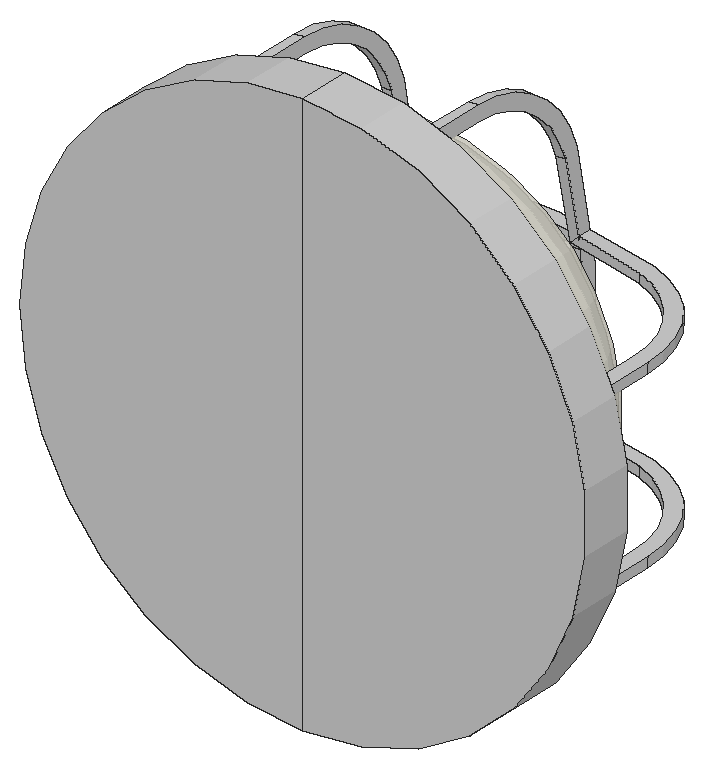
Revit family "BLH3", category Lighting Fixtures, host Wall, Revit 2024
Family settings
  Host = Wall
  Round Connector Dimension = Use Diameter
  Part Type = Normal
  OmniClass Number = 23.80.70.00
  OmniClass Title = Lighting
  Always vertical = Yes
  Cut with Voids When Loaded = No
  Light Source = No
  Maintain Annotation Orientation = No
  Shared = No
  Room Calculation Point = No
Parameters
  Default Elevation = 0' - 0"
Reference planes (in)
  plane 1: y = 0
  plane 2 "Light Source Axis (F/B)": y = 8
  plane 3 "Light Source Axis (L/R)": x = -1.43133
  plane 4 "Light Source Elevation": z = 77.42225
Forms (in)
  Revolve 1, solid, material "49"
    sketch origin (-1.43133, 0, 0) x (0, -1, 0) y (0, 0, 1)
      loop
        line (-3, 92.42225) -> (-4.38912, 92.42225) -> (-4.38912, 84.92225) -> (-3, 84.92225) -> (-3, 92.42225)
      axis (-4.38912, 84.92225) -> (-3, 84.92225)
    angle from 0 to 360
  Revolve 2, solid
    sketch origin (-1.43133, 0, 0) x (0, -1, 0) y (0, 0, 1)
      loop
        line (-4.38912, 91.14227) -> (-4.49646, 91.13665)
        arc (-4.49646, 91.13665) -> (-7.39656, 89.84544) -> (-8.68777, 86.94533) r 4.42919
        line (-8.68777, 86.94533) -> (-8.7938, 84.92225) -> (-8.69992, 84.92225) -> (-8.59415, 86.94043)
        arc (-8.59415, 86.94043) -> (-7.33027, 89.77915) -> (-4.49155, 91.04303) r 4.33544
        line (-4.49155, 91.04303) -> (-4.38912, 91.04839) -> (-4.38912, 91.14227)
      axis (-8.7938, 84.92225) -> (-4.38912, 84.92225)
    angle from 0 to 360
  Extrusion 3, solid, material "49"
    sketch origin (0, 0, 77.42225) x (0, 1, 0) y (-1, 0, 0)
      loop
        line (5.77188, 8.48421) -> (4.38912, 8.48421) -> (4.38912, 8.08421) -> (5.77188, 8.08421)
        arc (5.77188, 8.08421) -> (7.56508, 7.4893) -> (8.64708, 5.94051) r 3
        arc (8.64708, 5.94051) -> (8.92808, 4.85544) -> (9.13016, 3.75294) r 15.54543
        arc (9.13016, 3.75294) -> (9.29378, 1.48317) -> (9.12428, -0.78616) r 15.54543
        arc (9.12428, -0.78616) -> (8.92372, -1.86848) -> (8.64708, -2.93388) r 15.54543
        arc (8.64708, -2.93388) -> (7.56508, -4.48267) -> (5.77188, -5.07758) r 3
        line (5.77188, -5.07758) -> (4.38912, -5.07758) -> (4.38912, -5.47758) -> (5.77188, -5.47758)
        arc (5.77188, -5.47758) -> (7.80417, -4.80335) -> (9.03044, -3.04806) r 3.4
        arc (9.03044, -3.04806) -> (9.6938, 1.50331) -> (9.03044, 6.05469) r 15.94543
        arc (9.03044, 6.05469) -> (7.80417, 7.80998) -> (5.77188, 8.48421) r 3.4
    from 5.071 to 5.32672
  Extrusion 4, solid, material "49"
    sketch origin (0, 0, 92.42225) x (-1, 0, 0) y (0, -1, 0)
      loop
        line (8.48421, -5.77188) -> (8.48421, -4.38912) -> (8.08421, -4.38912) -> (8.08421, -5.77188)
        arc (8.08421, -5.77188) -> (7.4893, -7.56508) -> (5.94051, -8.64708) r 3
        arc (5.94051, -8.64708) -> (4.85544, -8.92808) -> (3.75294, -9.13016) r 15.54543
        arc (3.75294, -9.13016) -> (1.48317, -9.29378) -> (-0.78616, -9.12428) r 15.54543
        arc (-0.78616, -9.12428) -> (-1.86848, -8.92372) -> (-2.93388, -8.64708) r 15.54543
        arc (-2.93388, -8.64708) -> (-4.48267, -7.56508) -> (-5.07758, -5.77188) r 3
        line (-5.07758, -5.77188) -> (-5.07758, -4.38912) -> (-5.47758, -4.38912) -> (-5.47758, -5.77188)
        arc (-5.47758, -5.77188) -> (-4.80335, -7.80417) -> (-3.04806, -9.03044) r 3.4
        arc (-3.04806, -9.03044) -> (1.50331, -9.6938) -> (6.05469, -9.03044) r 15.94543
        arc (6.05469, -9.03044) -> (7.80998, -7.80417) -> (8.48421, -5.77188) r 3.4
    from -5.329 to -5.071
  Extrusion 5, solid, material "49"
    sketch origin (-1.43133, 0, 0) x (0, -1, 0) y (0, 0, 1)
      loop
        arc (-5.77188, 91.90314) -> (-7.80417, 91.22891) -> (-9.03044, 89.47362) r 3.4
        arc (-9.03044, 89.47362) -> (-9.6938, 84.92225) -> (-9.03044, 80.37088) r 15.94543
        arc (-9.03044, 80.37088) -> (-7.80417, 78.61559) -> (-5.77188, 77.94135) r 3.4
        line (-5.77188, 77.94135) -> (-4.38912, 77.94135) -> (-4.38912, 78.34135) -> (-5.77188, 78.34135)
        arc (-5.77188, 78.34135) -> (-7.56508, 78.93627) -> (-8.64708, 80.48505) r 3
        arc (-8.64708, 80.48505) -> (-8.91892, 81.52894) -> (-9.11772, 82.58917) r 15.54543
        arc (-9.11772, 82.58917) -> (-9.29319, 84.78503) -> (-9.15651, 86.98364) r 15.54543
        arc (-9.15651, 86.98364) -> (-8.94829, 88.18151) -> (-8.64708, 89.35945) r 15.54543
        arc (-8.64708, 89.35945) -> (-7.56508, 90.90823) -> (-5.77188, 91.50314) r 3
        line (-5.77188, 91.50314) -> (-4.38912, 91.50314) -> (-4.38912, 91.90314) -> (-5.77188, 91.90314)
    from 2.171 to 2.429
  Extrusion 6, solid, material "49"
    sketch origin (-1.43133, 0, 0) x (0, -1, 0) y (0, 0, -1)
      loop
        line (-5.77188, -91.90314) -> (-4.38912, -91.90314) -> (-4.38912, -91.50314) -> (-5.77188, -91.50314)
        arc (-5.77188, -91.50314) -> (-7.56508, -90.90823) -> (-8.64708, -89.35945) r 3
        arc (-8.64708, -89.35945) -> (-8.94829, -88.18151) -> (-9.15651, -86.98364) r 15.54543
        arc (-9.15651, -86.98364) -> (-9.29319, -84.78503) -> (-9.11772, -82.58917) r 15.54543
        arc (-9.11772, -82.58917) -> (-8.91892, -81.52894) -> (-8.64708, -80.48505) r 15.54543
        arc (-8.64708, -80.48505) -> (-7.56508, -78.93627) -> (-5.77188, -78.34135) r 3
        line (-5.77188, -78.34135) -> (-4.38912, -78.34135) -> (-4.38912, -77.94135) -> (-5.77188, -77.94135)
        arc (-5.77188, -77.94135) -> (-7.80417, -78.61559) -> (-9.03044, -80.37088) r 3.4
        arc (-9.03044, -80.37088) -> (-9.6938, -84.92225) -> (-9.03044, -89.47362) r 15.94543
        arc (-9.03044, -89.47362) -> (-7.80417, -91.22891) -> (-5.77188, -91.90314) r 3.4
    from 2.171 to 2.429
  Revolve 7, solid, material "49"
    sketch origin (3.47158, 0, -0.00075) x (0, -1, 0) y (0, 0, 1)
      loop
        line (-4.38912, 90.03828) -> (-4.44948, 90.03828)
        arc (-4.44948, 90.03828) -> (-4.51019, 90.01313) -> (-4.53533, 89.95243) r 0.08585
        line (-4.53533, 89.95243) -> (-4.53533, 89.82365) -> (-4.38912, 89.82365) -> (-4.38912, 90.03828)
      axis (-4.53533, 89.82365) -> (-4.38912, 89.82365)
    angle from 0 to 360
  Revolve 8, solid
    sketch origin (-6.33423, 0, -0.00075) x (0, -1, 0) y (0, 0, -1)
      loop
        line (-4.38912, -90.03828) -> (-4.38912, -89.82365) -> (-4.53533, -89.82365) -> (-4.53533, -89.95243)
        arc (-4.53533, -89.95243) -> (-4.51019, -90.01313) -> (-4.44948, -90.03828) r 0.08585
        line (-4.44948, -90.03828) -> (-4.38912, -90.03828)
      axis (-4.53533, -89.82365) -> (-4.38912, -89.82365)
    angle from 0 to 360
  Revolve 9, solid
    sketch origin (3.47158, 0, 169.84525) x (0, -1, 0) y (0, 0, 1)
      loop
        line (-4.38912, -90.03828) -> (-4.38912, -89.82365) -> (-4.53533, -89.82365) -> (-4.53533, -89.95243)
        arc (-4.53533, -89.95243) -> (-4.51019, -90.01313) -> (-4.44948, -90.03828) r 0.08585
        line (-4.44948, -90.03828) -> (-4.38912, -90.03828)
      axis (-4.53533, -89.82365) -> (-4.38912, -89.82365)
    angle from 0 to 360
  Revolve 10, solid
    sketch origin (-6.33423, 0, 169.84525) x (0, -1, 0) y (0, 0, -1)
      loop
        line (-4.38912, 90.03828) -> (-4.44948, 90.03828)
        arc (-4.44948, 90.03828) -> (-4.51019, 90.01313) -> (-4.53533, 89.95243) r 0.08585
        line (-4.53533, 89.95243) -> (-4.53533, 89.82365) -> (-4.38912, 89.82365) -> (-4.38912, 90.03828)
      axis (-4.53533, 89.82365) -> (-4.38912, 89.82365)
    angle from 0 to 360
Text (in)
  text "Placement Side" at (0, 40.15149, 123.01588), in view "Right"
  text "Placement Side" at (-70.3804, 56.61594, 0), in view "Ref. Level"
  text "Placement Side" at (0, 47.49176, 140.59947), in view "Left"
